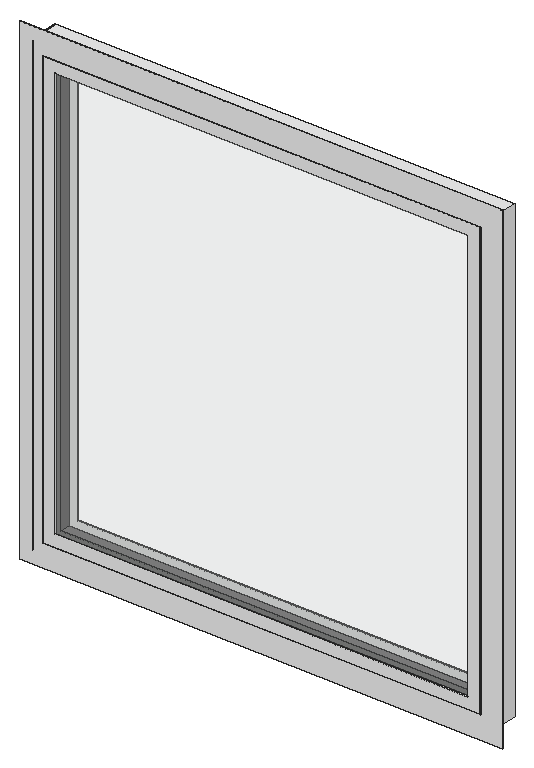
Revit family "Casement_28_C_Top_Hung_Standard", category Windows, host Wall, Revit 2014
Parameters (values of type "Casement_Sash_DG")
  Width Sash [instance] = 30 mm
  Width Sash Inner = 15 mm
  Width Bead = 15 mm
  Top Hung [instance] = yes
  Side Hung Right [instance] = yes
  Side Hung Left [instance] = yes
  Sash Opening Width [instance] = 600 mm
  Sash Opening Height [instance] = 600.312 mm
  Sash Lip = 15 mm
  Glazing Material [instance] = Glass
  DG Start Piece 2 [instance] = DG End Piece 1 + DG Gasket Thickness  # 25 mm
  DG Start Peice 1 [instance] = (Depth Sash - (2 * DG Glazing Thickness) - DG Gasket Thickness) / 2  # 6.6 mm
  Glazing Offset = 5 mm
  DG Glazing Thickness [instance] = 6.4 mm
  DG Gasket Thickness = 12 mm  # constant formula
  DG Gasket Material [instance] = Double Glazing Gasket Material
  DG End Piece 2 [instance] = DG Start Piece 2 + DG Glazing Thickness  # 31.4 mm
  DG End Piece 1 [instance] = DG Start Peice 1 + DG Glazing Thickness  # 13 mm
  Depth Sash [instance] = 38 mm
  Center Vertical Sash [instance] = Sash Opening Height / 2  # 300.156 mm
  Center Horizontal Sash [instance] = Sash Opening Width / 2  # 300 mm
  Bottom Hung [instance] = yes
  Bead Offset = 15 mm
  Aluminium Thickness = 1 mm
  Aluminium Material [instance] = White Powder Coated Aluminium
Reference planes
  plane 1 "Center (Front/Back)": y = 0
  plane 2: z = 0
  plane 3 "Center (Left/Right)": x = 0
Forms (mm)
  Sweep 1, solid, material "White Powder Coated Aluminium" <- "Aluminium Material"
    path origin (16.177, 0, 121.331) x (1, 0, 0) y (0, 0, 1)
      loop
        line (0, 0) -> (600, 0) -> (600, 600.312) -> (0, 600.312) -> (0, 0)
    profile origin (316.177, 0, 121.331) x (0, 0, 1) y (0, -1, 0)
      loop
        line (0, 0) -> (30, 0) -> (30, 1) -> (15, 1) -> (15, 38) -> (-15, 38) -> (-15, 37) -> (0, 37) -> (0, 0)
      loop
        line (14, 1) -> (14, 37) -> (1, 37) -> (1, 1) -> (14, 1)
  Sweep 2, solid, material "White Powder Coated Aluminium" <- "Aluminium Material"
    path origin (0, 0, 0) x (1, 0, 0) y (0, 0, 1)
      loop
        line (31.177, 706.643) -> (31.177, 136.331) -> (601.177, 136.331) -> (601.177, 706.643) -> (31.177, 706.643)
    profile origin (316.177, 0, 706.643) x (0, 0, 1) y (0, -1, 0)
      loop
        line (0, 37) -> (0, 38) -> (-15, 38) -> (-15, 37) -> (0, 37)
  Extrusion 3, solid, material "Glass" <- "Glazing Material"
    sketch origin (0, 0, 0) x (1, 0, 0) y (0, 0, 1)
      loop
        line (36.177, 701.643) -> (36.177, 141.331) -> (596.177, 141.331) -> (596.177, 701.643) -> (36.177, 701.643)
    from 6.6 <- "DG Start Peice 1" to 13 <- "DG End Piece 1"
  Extrusion 4, solid, material "Glass" <- "Glazing Material"
    sketch origin (0, 0, 0) x (1, 0, 0) y (0, 0, 1)
      loop
        line (36.177, 701.643) -> (36.177, 141.331) -> (596.177, 141.331) -> (596.177, 701.643) -> (36.177, 701.643)
    from 31.4 <- "DG End Piece 2" to 25 <- "DG Start Piece 2"
  Sweep 5, solid, material "Double Glazing Gasket Material" <- "DG Gasket Material"
    path origin (0, -13, 0) x (1, 0, 0) y (0, 0, 1)
      loop
        line (36.177, 701.643) -> (36.177, 141.331) -> (596.177, 141.331) -> (596.177, 701.643) -> (36.177, 701.643)
    profile origin (316.177, -13, 701.643) x (0, 0, 1) y (0, -1, 0)
      loop
        line (0, 0) -> (0, 12) -> (-7.96, 12) -> (-7.96, 0) -> (0, 0)
Lines and regions (mm)
  model lines
    curve 1: line (1.177, -38, 736.643) -> (31.177, -38, 706.643)
    curve 2: line (601.177, -38, 706.643) -> (631.177, -38, 736.643)
    curve 3: line (601.177, -38, 136.331) -> (631.177, -38, 106.331)
    curve 4: line (1.177, -38, 106.331) -> (31.177, -38, 136.331)
    curve 5: line (631.177, -37, 736.643) -> (616.177, -37, 721.643)
    curve 6: line (1.177, -37, 736.643) -> (16.177, -37, 721.643)
    curve 7: line (1.177, -37, 106.331) -> (16.177, -37, 121.331)
    curve 8: line (631.177, -37, 106.331) -> (616.177, -37, 121.331)
    curve 9: line (616.177, 0, 121.331) -> (586.177, 0, 151.331)
    curve 10: line (46.177, 0, 151.331) -> (16.177, 0, 121.331)
    curve 11: line (616.177, 0, 721.643) -> (586.177, 0, 691.643)
    curve 12: line (46.177, 0, 691.643) -> (16.177, 0, 721.643)
    curve 13: line (31.177, -38, 691.643) -> (46.177, -38, 691.643)
    curve 14: line (586.177, -38, 691.643) -> (601.177, -38, 691.643)
    curve 15: line (586.177, -38, 151.331) -> (601.177, -38, 151.331)
    curve 16: line (31.177, -38, 151.331) -> (46.177, -38, 151.331)
  model lines, style "GenericModelHiddenLines", visible <- "Top Hung"
    curve 17: line (46.386, -31.4, 690.914) -> (316.177, -31.4, 151.331)
    curve 18: line (316.177, -31.4, 151.331) -> (586.177, -31.4, 691.331)
  model lines, style "GenericModelHiddenLines", visible <- "Bottom Hung"
    curve 19: line (46.177, -31.4, 151.331) -> (316.177, -31.4, 691.331)
    curve 20: line (316.177, -31.4, 691.331) -> (586.177, -31.4, 151.331)
  model lines, style "GenericModelHiddenLines", visible <- "Side Hung Left"
    curve 21: line (46.386, -31.4, 690.914) -> (585.24, -31.4, 421.487)
    curve 22: line (585.24, -31.4, 421.487) -> (46.177, -31.4, 151.331)
  model lines, style "GenericModelHiddenLines", visible <- "Side Hung Right"
    curve 23: line (586.177, -31.4, 691.331) -> (46.177, -31.4, 421.487)
    curve 24: line (46.177, -31.4, 421.487) -> (586.177, -31.4, 151.331)
Dimensions and locks
  "Aluminium Thickness": Sweep 1 sketch curve to Sweep 1 sketch curve  (x4)
  "Depth Sash": Sweep 1 sketch curve to Sweep 1 sketch curve
  "Sash Opening Width": Sweep 1 to Sweep 1
  "Sash Opening Height": Sweep 1 to Sweep 1
  "Width Sash": Sweep 1 sketch curve to Sweep 1 sketch curve  (x2)
  "Width Sash Inner": Sweep 1 sketch curve to Sweep 1 sketch curve
  "Sash Lip": Sweep 1 sketch curve to Sweep 1 sketch curve
  "Aluminium Thickness": Sweep 1 to Sweep 2 sketch curve
  "Glazing Offset": Sweep 2 to Extrusion 3 sketch curve  (x3)
  "Glazing Offset": Extrusion 3 sketch curve to Sweep 2
  Sweep 1 to Sweep 1 = 1 mm
  "Aluminium Thickness": Sweep 2 sketch curve to Sweep 2 sketch curve
  "Width Bead": Sweep 2 sketch curve to Sweep 2 sketch curve
  locked: Sweep 5 sketch curve to Sweep 5 sketch curve at 7.96
  "Center Horizontal Sash": Sweep 1 to curve 18
  "Center Horizontal Sash": Sweep 1 to curve 20
  "Center Vertical Sash": Sweep 1 to curve 22
  "Center Vertical Sash": Sweep 1 to curve 24
  aligned and locked: level to plane 2
  aligned and locked: Sweep 1 sketch curve to Sweep 1 sketch curve  (x2)
  aligned and locked: Sweep 2 sketch curve to Sweep 1  (x5)
  aligned and locked: Extrusion 4 sketch curve to Extrusion 3  (x4)
  aligned and locked: Sweep 5 sketch curve to Extrusion 3  (x5)
  aligned and locked: Extrusion 3 to Sweep 5 sketch curve
Automatic sketch dimensions
  plane 3 "Center (Left/Right)" to Sweep 1 sketch curve = 16.177 mm
  level to Sweep 1 sketch curve = 121.331 mm
  plane 3 "Center (Left/Right)" to Sweep 1 sketch curve = 616.177 mm
  level to Sweep 1 sketch curve = 721.643 mm
  profile plane to Sweep 5 sketch curve = 12 mm
  curve 7 to Sweep 1 = 0 mm  (x4)
  curve 6 to Sweep 1 = 0 mm  (x3)
  Sweep 1 to curve 6 = 0 mm
  curve 5 to Sweep 1 = 0 mm  (x3)
  curve 8 to Sweep 1 = 0 mm  (x4)
  Sweep 1 to curve 5 = 0 mm
  curve 16 to Sweep 2 = 0 mm  (x3)
  curve 13 to Sweep 2 = 0 mm  (x3)
  curve 15 to Sweep 2 = 0 mm
  Sweep 2 to curve 15 = 0 mm  (x2)
  curve 14 to Sweep 2 = 0 mm  (x2)
  Sweep 2 to curve 14 = 0 mm
  curve 1 to Sweep 1 = 0 mm  (x4)
  curve 4 to Sweep 1 = 0 mm  (x3)
  Sweep 1 to curve 4 = 0 mm
  curve 3 to Sweep 1 = 0 mm  (x3)
  curve 2 to Sweep 1 = 0 mm  (x4)
  Sweep 1 to curve 3 = 0 mm
  curve 10 to Sweep 1 = 0 mm  (x4)
  curve 12 to Sweep 1 = 0 mm  (x3)
  Sweep 1 to curve 12 = 0 mm
  curve 9 to Sweep 1 = 0 mm  (x4)
  curve 11 to Sweep 1 = 0 mm  (x3)
  Sweep 1 to curve 11 = 0 mm
  Sweep 1 sketch curve to plane 1 "Center (Front/Back)" = 0 mm
  profile plane to Sweep 1 sketch curve = 0 mm
  curve 21 to Extrusion 4 = 10.208 mm
  curve 19 to Extrusion 4 = 10 mm
  curve 23 to Extrusion 4 = 10 mm  (x2)
  curve 22 to Extrusion 4 = 10.937 mm
  curve 20 to Extrusion 4 = 10 mm
  curve 24 to Extrusion 4 = 10 mm
  curve 22 to Extrusion 4 = 10 mm
  curve 18 to Extrusion 4 = 10 mm
  curve 21 to Extrusion 4 = 10.729 mm
  curve 19 to Extrusion 4 = 10.312 mm
  curve 18 to Extrusion 4 = 10.312 mm
Types in the file's own list only (6): name | Windload Design | Width Sash Right Opening | Width Sash Right | Width Sash Left Opening | Width Sash Left | Width Profile | Width Fixed Panel Center | Width | URL | Offset Window Exterior | Offset Mullion Right Side | Max Pane Area | Limit Fixed Pane Width Max | Intruderprufe U Value | Intruderprufe SHGC Value | Intruderprufe LowE U Value | Intruderprufe LowE SHGC Value | Height Sash Opening | Height | Energy Advantage U Value | Energy Advantage SHGC Value | Custom Window Width | Custom Window Height | Window Exterior Offset | Custom Windload | Custom Sash Right Width | Custom Sash Left Width | Sash Height | Single Glazing | Sash Spacing Inner | Sash Overlap | Sash Center Offset | SG Gasket Thickness | Offset Sash Side | Offset Sash Top | Offset Fixed Panel Left | Offset Mullion Left Side | Offset Bead Center Reversed | Model | Manufacturer | Limit Window Width Min | Limit Window Width Max | Limit Window Height Min | Limit Window Height Max | Limit Sash Width Min | Limit Sash Width Max | Limit Sash Height Min | Limit Sash Height Max | Limit Fixed Pane Width Min | Length Mullion | Height Sash | Height Fixed Panel Center | Description | Depth Mullion | Frame Center Offset | Depth Bead | Default Sill Height | Wall Closure | Mullion Depth Windload Based | Clearvue U Value | Clearvue SHGC Value | Casement Dimension | Bottom Hung | Bead SG Gap | Area Pane Right | Area Pane Middle | Area Pane Left
  28-1806TT-1000Pa | 1000 mm | 524 mm | 554 mm | 524 mm | 554 mm | 30 mm | 590 mm | 1790 mm | "http://www.crealco.co.za/crealco-products.php" | 14 mm | 570 mm | 0.30 m² | 1500 mm | 6.14 | 0.55 | 4.5 | 0.518 | 544 mm | 590 mm | 4.79 | 0.516 | 1790 mm | 590 mm | 0 mm | 1000 mm | 554 mm | 554 mm | 545 mm | Yes | 8 mm | 7 mm | 11 mm | 6 mm | 23 mm | 23 mm | 600 mm | 570 mm | 14 mm | "Casement 28" | "Crealco" | 1400 mm | 2700 mm | 346 mm | 646 mm | 300 mm | 900 mm | 300 mm | 600 mm | 200 mm | 590 mm | 514 mm | 530 mm | "Window 28mm, Type C top hung" | 29 mm | 14 mm | 14 mm | 800 mm | By host | 29 mm | 6.15 | 0.568 | 28 mm | No | 13 mm | 0.22 m² | 0.30 m² | 0.22 m²
  28-2406TT-1000Pa | 1000 mm | 524 mm | 554 mm | 524 mm | 554 mm | 30 mm | 1190 mm | 2390 mm | "http://www.crealco.co.za/crealco-products.php" | 14 mm | 570 mm | 0.61 m² | 1500 mm | 6.07 | 0.583 | 4.4 | 0.54 | 544 mm | 590 mm | 4.68 | 0.541 | 2390 mm | 590 mm | 0 mm | 1000 mm | 554 mm | 554 mm | 545 mm | Yes | 8 mm | 7 mm | 11 mm | 6 mm | 23 mm | 23 mm | 600 mm | 570 mm | 14 mm | "Casement 28" | "Crealco" | 1400 mm | 2700 mm | 346 mm | 646 mm | 300 mm | 900 mm | 300 mm | 600 mm | 200 mm | 590 mm | 514 mm | 530 mm | "Window 28mm, Type C top hung" | 29 mm | 14 mm | 14 mm | 800 mm | By host | 29 mm | 6.11 | 0.607 | 28 mm | No | 13 mm | 0.22 m² | 0.61 m² | 0.22 m²
  28-1806TT-1500Pa | 1500 mm | 524 mm | 554 mm | 524 mm | 554 mm | 30 mm | 590 mm | 1790 mm | "http://www.crealco.co.za/crealco-products.php" | 14 mm | 570 mm | 0.30 m² | 1500 mm | 6.14 | 0.55 | 4.5 | 0.518 | 544 mm | 590 mm | 4.79 | 0.516 | 1790 mm | 590 mm | 0 mm | 1500 mm | 554 mm | 554 mm | 545 mm | Yes | 8 mm | 7 mm | 11 mm | 6 mm | 23 mm | 23 mm | 600 mm | 570 mm | 14 mm | "Casement 28" | "Crealco" | 1400 mm | 2700 mm | 346 mm | 646 mm | 300 mm | 900 mm | 300 mm | 600 mm | 200 mm | 590 mm | 514 mm | 530 mm | "Window 28mm, Type C top hung" | 29 mm | 14 mm | 14 mm | 800 mm | By host | 29 mm | 6.15 | 0.568 | 28 mm | No | 13 mm | 0.22 m² | 0.30 m² | 0.22 m²
  28-1806TT-2000Pa | 2000 mm | 524 mm | 554 mm | 524 mm | 554 mm | 30 mm | 590 mm | 1790 mm | "http://www.crealco.co.za/crealco-products.php" | 14 mm | 570 mm | 0.30 m² | 1500 mm | 6.14 | 0.55 | 4.5 | 0.518 | 544 mm | 590 mm | 4.79 | 0.516 | 1790 mm | 590 mm | 0 mm | 2000 mm | 554 mm | 554 mm | 545 mm | Yes | 8 mm | 7 mm | 11 mm | 6 mm | 23 mm | 23 mm | 600 mm | 570 mm | 14 mm | "Casement 28" | "Crealco" | 1400 mm | 2700 mm | 346 mm | 646 mm | 300 mm | 900 mm | 300 mm | 600 mm | 200 mm | 590 mm | 514 mm | 530 mm | "Window 28mm, Type C top hung" | 29 mm | 14 mm | 14 mm | 800 mm | By host | 29 mm | 6.15 | 0.568 | 28 mm | No | 13 mm | 0.22 m² | 0.30 m² | 0.22 m²
  28-2406TT-1500Pa | 1500 mm | 524 mm | 554 mm | 524 mm | 554 mm | 30 mm | 1190 mm | 2390 mm | "http://www.crealco.co.za/crealco-products.php" | 14 mm | 570 mm | 0.61 m² | 1500 mm | 6.07 | 0.583 | 4.4 | 0.54 | 544 mm | 590 mm | 4.68 | 0.541 | 2390 mm | 590 mm | 0 mm | 1500 mm | 554 mm | 554 mm | 545 mm | Yes | 8 mm | 7 mm | 11 mm | 6 mm | 23 mm | 23 mm | 600 mm | 570 mm | 14 mm | "Casement 28" | "Crealco" | 1400 mm | 2700 mm | 346 mm | 646 mm | 300 mm | 900 mm | 300 mm | 600 mm | 200 mm | 590 mm | 514 mm | 530 mm | "Window 28mm, Type C top hung" | 29 mm | 14 mm | 14 mm | 800 mm | By host | 29 mm | 6.11 | 0.607 | 28 mm | No | 13 mm | 0.22 m² | 0.61 m² | 0.22 m²
  28-2406TT-2000Pa | 2000 mm | 524 mm | 554 mm | 524 mm | 554 mm | 30 mm | 1190 mm | 2390 mm | "http://www.crealco.co.za/crealco-products.php" | 14 mm | 570 mm | 0.61 m² | 1500 mm | 6.07 | 0.583 | 4.4 | 0.54 | 544 mm | 590 mm | 4.68 | 0.541 | 2390 mm | 590 mm | 0 mm | 2000 mm | 554 mm | 554 mm | 545 mm | Yes | 8 mm | 7 mm | 11 mm | 6 mm | 23 mm | 23 mm | 600 mm | 570 mm | 14 mm | "Casement 28" | "Crealco" | 1400 mm | 2700 mm | 346 mm | 646 mm | 300 mm | 900 mm | 300 mm | 600 mm | 200 mm | 590 mm | 514 mm | 530 mm | "Window 28mm, Type C top hung" | 29 mm | 14 mm | 14 mm | 800 mm | By host | 29 mm | 6.11 | 0.607 | 28 mm | No | 13 mm | 0.22 m² | 0.61 m² | 0.22 m²
